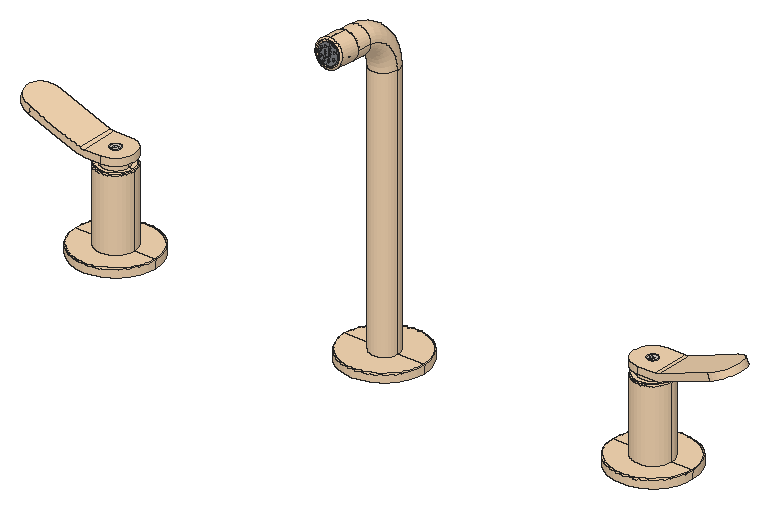
Revit family "Faucet-Wall_Mount-Bath_Spout-KALLISTA-Aileron-P33354", category Plumbing Fixtures, host Face, Revit 2021 (continued)
Definition of nested family "P33354_Handle"
  Automatic sketch dimensions
    curve 156 to plane 25 = 0"
    curve 155 to plane 25 = 0"
    curve 154 to plane 25 = 0"
    curve 153 to plane 25 = 0"
    curve 152 to plane 25 = 0"
    curve 151 to plane 25 = 0"
    curve 102 to plane 25 = 0"
    curve 150 to plane 25 = 0"
    curve 149 to plane 25 = 0"
    curve 148 to plane 25 = 0"
    curve 147 to plane 25 = 0"
    curve 131 to plane 25 = 0"
    curve 130 to plane 25 = 0"
    curve 160 to plane 25 = 0"
    curve 127 to plane 25 = 0"
    curve 126 to plane 25 = 0"
    curve 125 to plane 25 = 0"
    curve 124 to plane 25 = 0"
    curve 123 to plane 25 = 0"
    curve 122 to plane 25 = 0"
    curve 121 to plane 25 = 0"
    curve 120 to plane 25 = 0"
    curve 119 to plane 25 = 0"
    curve 118 to plane 25 = 0"
    plane 26 to curve 100 = 0"
    curve 144 to plane 24 = 0"
    curve 110 to plane 24 = 0"
    curve 143 to plane 24 = 0"
    curve 136 to plane 24 = 0"
    curve 106 to plane 24 = 0"
    curve 146 to plane 24 = 0"
    curve 145 to plane 24 = 0"
    curve 137 to plane 24 = 0"
    curve 142 to plane 24 = 0"
    curve 141 to plane 24 = 0"
    curve 112 to plane 24 = 0"
    curve 135 to plane 24 = 0"
    curve 104 to plane 24 = 0"
    curve 109 to plane 24 = 0"
    curve 103 to plane 24 = 0"
    curve 134 to plane 24 = 0"
    curve 102 to plane 24 = 0"
    curve 108 to plane 24 = 0"
    curve 138 to plane 24 = 0"
    curve 139 to plane 24 = 0"
    curve 140 to plane 24 = 0"
    curve 117 to plane 24 = 0"
    curve 133 to plane 24 = 0"
    curve 116 to plane 24 = 0"
    curve 105 to plane 24 = 0"
    curve 107 to plane 24 = 0"
    curve 115 to plane 24 = 0"
    curve 113 to plane 24 = 0"
    curve 114 to plane 24 = 0"
    curve 111 to plane 24 = 0"
    curve 96 to plane 24 = 0"
    curve 97 to plane 13 = 0"
    curve 102 to plane 22 = 0.73156"
    curve 132 to plane 22 = 0.00624"
    plane 25 to curve 99 = 0.00008"
    plane 25 to curve 129 = 0.01398"
    plane 25 to curve 133 = 0.07163"
    plane 25 to curve 104 = 0.07163"
    curve 104 to curve 160 = 0.02797"
    curve 133 to curve 131 = 0.02797"
    curve 131 to curve 134 = 0.04366"
    curve 160 to curve 105 = 0.04366"
    plane 25 to curve 101 = 0.15277"
    curve 101 to curve 100 = 0.01072"
    curve 134 to curve 130 = 0.02797"
    curve 105 to curve 159 = 0.02797"
    curve 130 to curve 135 = 0.04366"
    curve 159 to curve 106 = 0.04366"
    curve 106 to curve 158 = 0.02797"
    curve 135 to curve 129 = 0.02797"
    curve 158 to curve 107 = 0.04366"
    curve 129 to curve 136 = 0.04366"
    curve 107 to curve 157 = 0.02797"
    curve 136 to curve 128 = 0.02797"
    curve 157 to curve 108 = 0.04366"
    curve 128 to curve 137 = 0.04366"
    curve 137 to curve 127 = 0.02797"
    curve 108 to curve 156 = 0.02797"
    curve 127 to curve 138 = 0.04366"
    curve 156 to curve 109 = 0.04366"
    curve 138 to curve 126 = 0.02797"
    curve 109 to curve 155 = 0.02797"
    curve 155 to curve 110 = 0.04366"
    curve 126 to curve 139 = 0.04366"
    curve 125 to plane 3 "Center (Left/Right)" = 0.02183"
    curve 154 to plane 3 "Center (Left/Right)" = 0.02183"
    plane 3 "Center (Left/Right)" to curve 140 = 0.02183"
    plane 3 "Center (Left/Right)" to curve 111 = 0.02183"
    curve 140 to curve 124 = 0.02797"
    curve 111 to curve 153 = 0.02797"
    curve 153 to curve 112 = 0.04366"
    curve 124 to curve 141 = 0.04366"
    curve 112 to curve 152 = 0.02797"
    curve 141 to curve 123 = 0.02797"
    curve 152 to curve 113 = 0.04366"
    curve 123 to curve 142 = 0.04366"
    curve 113 to curve 151 = 0.02797"
    curve 142 to curve 122 = 0.02797"
    curve 122 to curve 143 = 0.04366"
    curve 151 to curve 114 = 0.04366"
    curve 114 to curve 150 = 0.02797"
    curve 143 to curve 121 = 0.02797"
    curve 150 to curve 115 = 0.04366"
    curve 121 to curve 144 = 0.04366"
    curve 115 to curve 149 = 0.02797"
    curve 144 to curve 120 = 0.02797"
    curve 149 to curve 116 = 0.04366"
    curve 120 to curve 145 = 0.04366"
    curve 101 to plane 24 = 0.1622"
    curve 101 to curve 100 = 0.00424"
    curve 116 to curve 148 = 0.02797"
    curve 145 to curve 119 = 0.02797"
    curve 148 to curve 117 = 0.04366"
    curve 119 to curve 146 = 0.04366"
    curve 146 to curve 118 = 0.02797"
    curve 117 to curve 147 = 0.02797"
    plane 24 to curve 99 = 0.00002"
    level to curve 96 = 0.24252"
    level to curve 97 = 0.22284"
    curve 102 to curve 133 = 0.04713"
    curve 102 to curve 118 = 0.04713"
    curve 118 to curve 160 = 0.0184"
    curve 133 to curve 117 = 0.0184"
    curve 117 to curve 134 = 0.02873"
    curve 160 to curve 119 = 0.02873"
    curve 119 to curve 159 = 0.0184"
    curve 134 to curve 116 = 0.0184"
    curve 159 to curve 120 = 0.02873"
    curve 116 to curve 135 = 0.02873"
    curve 120 to curve 158 = 0.0184"
    curve 135 to curve 115 = 0.0184"
    curve 158 to curve 121 = 0.02873"
    curve 115 to curve 136 = 0.02873"
    curve 121 to curve 157 = 0.0184"
    curve 136 to curve 114 = 0.0184"
    curve 157 to curve 122 = 0.02873"
    curve 114 to curve 137 = 0.02873"
    curve 137 to curve 113 = 0.0184"
    curve 122 to curve 156 = 0.0184"
    curve 156 to curve 123 = 0.02873"
    curve 113 to curve 138 = 0.02873"
    curve 123 to curve 155 = 0.0184"
    curve 138 to curve 112 = 0.0184"
    curve 112 to curve 139 = 0.02873"
    curve 155 to curve 124 = 0.02873"
    curve 124 to curve 154 = 0.0184"
    curve 139 to curve 111 = 0.0184"
    curve 111 to curve 140 = 0.02873"
    curve 154 to curve 125 = 0.02873"
    curve 125 to curve 153 = 0.0184"
    curve 140 to curve 110 = 0.0184"
    curve 153 to curve 126 = 0.02873"
    curve 110 to curve 141 = 0.02873"
    curve 126 to curve 152 = 0.0184"
    curve 141 to curve 109 = 0.0184"
    curve 109 to curve 142 = 0.02873"
    curve 152 to curve 127 = 0.02873"
    curve 142 to curve 108 = 0.0184"
    curve 127 to curve 151 = 0.0184"
    curve 108 to curve 143 = 0.02873"
    curve 151 to curve 128 = 0.02873"
    curve 128 to curve 150 = 0.0184"
    curve 143 to curve 107 = 0.0184"
    curve 107 to curve 144 = 0.02873"
    curve 150 to curve 129 = 0.03793"
    curve 129 to curve 149 = 0.0092"
    curve 144 to curve 106 = 0.0184"
    curve 106 to curve 145 = 0.02873"
    curve 149 to curve 130 = 0.02873"
    curve 130 to curve 148 = 0.0184"
    curve 145 to curve 105 = 0.0184"
    curve 105 to curve 146 = 0.02873"
    curve 148 to curve 131 = 0.02873"
    curve 131 to curve 147 = 0.0184"
    curve 146 to curve 104 = 0.0184"
    plane 22 to curve 99 = 0.02307"
    curve 100 to curve 101 = 0.07699"
    curve 5 to plane 7 = 0"
    curve 68 to plane 20 = 0"
    curve 67 to plane 20 = 0"
    curve 66 to plane 20 = 0"
    curve 65 to plane 20 = 0"
    curve 64 to plane 20 = 0"
    curve 63 to plane 20 = 0"
    curve 3 to plane 20 = 0"
    curve 62 to plane 20 = 0"
    curve 61 to plane 20 = 0"
    curve 70 to plane 20 = 0"
    curve 34 to plane 20 = 0"
    curve 71 to plane 20 = 0"
    curve 32 to plane 20 = 0"
    curve 31 to plane 20 = 0"
    curve 30 to plane 20 = 0"
    curve 29 to plane 20 = 0"
    curve 4 to plane 20 = 0"
    curve 28 to plane 20 = 0"
    curve 35 to plane 20 = 0"
    curve 27 to plane 20 = 0"
    curve 26 to plane 20 = 0"
    curve 25 to plane 20 = 0"
    curve 7 to plane 20 = 0"
    curve 24 to plane 20 = 0"
    curve 23 to plane 20 = 0"
    curve 22 to plane 20 = 0"
    curve 21 to plane 20 = 0"
    curve 20 to plane 20 = 0"
    curve 10 to plane 20 = 0"
    curve 17 to plane 20 = 0"
    plane 20 to curve 33 = 0"
    curve 15 to plane 20 = 0"
    curve 13 to plane 20 = 0"
    curve 3 to plane 17 = 0"
    curve 1 to plane 17 = 0"
    curve 6 to plane 17 = 0"
    curve 1 to plane 1 "Center (Front/Back)" = 0"
    curve 1 to plane 18 = 0"
    curve 6 to plane 18 = 0"
    curve 2 to plane 18 = 0"
    curve 54 to plane 19 = 0"
    curve 52 to plane 19 = 0"
    curve 55 to plane 19 = 0"
    curve 51 to plane 19 = 0"
    curve 56 to plane 19 = 0"
    curve 50 to plane 19 = 0"
    curve 57 to plane 19 = 0"
    curve 49 to plane 19 = 0"
    curve 58 to plane 19 = 0"
    curve 48 to plane 19 = 0"
    curve 59 to plane 19 = 0"
    curve 47 to plane 19 = 0"
    curve 60 to plane 19 = 0"
    curve 53 to plane 19 = 0"
    curve 46 to plane 19 = 0"
    curve 45 to plane 19 = 0"
    curve 44 to plane 19 = 0"
    curve 42 to plane 19 = 0"
    curve 41 to plane 19 = 0"
    curve 40 to plane 19 = 0"
    curve 39 to plane 19 = 0"
    curve 38 to plane 19 = 0"
    curve 37 to plane 19 = 0"
    curve 36 to plane 19 = 0"
    curve 2 to plane 19 = 0"
    curve 4 to plane 19 = 0"
    curve 12 to plane 19 = 0"
    curve 7 to plane 19 = 0"
    curve 10 to plane 19 = 0"
    curve 19 to plane 19 = 0"
    curve 18 to plane 19 = 0"
    curve 43 to plane 19 = 0"
    curve 5 to plane 6 = 0"
    curve 6 to plane 22 = 0"
    plane 23 to curve 3 = 0.08683"
    plane 1 "Center (Front/Back)" to curve 3 = 0.14678"
    plane 23 to curve 2 = 0.08683"
    curve 7 to plane 22 = 0.02965"
    curve 12 to curve 7 = 0.73753"
    curve 69 to plane 20 = 0.00306"
    curve 7 to curve 35 = 0.04377"
    curve 14 to plane 20 = 0.05996"
    curve 35 to curve 18 = 0.01975"
    curve 36 to plane 20 = 0.0708"
    curve 36 to curve 71 = 0.00269"
    curve 14 to curve 13 = 0.0354"
    plane 17 to curve 8 = 0.05848"
    plane 17 to curve 34 = 0.04291"
    curve 34 to curve 19 = 0.01945"
    plane 17 to curve 37 = 0.01588"
    curve 37 to curve 70 = 0.00269"
    plane 17 to curve 9 = 0.01004"
    curve 33 to plane 17 = 0.02789"
    curve 33 to curve 48 = 0.01945"
    curve 38 to plane 17 = 0.05492"
    curve 38 to curve 69 = 0.00269"
    curve 48 to curve 32 = 0.05135"
    curve 32 to curve 49 = 0.01945"
    curve 69 to curve 39 = 0.06811"
    curve 39 to curve 68 = 0.00269"
    curve 49 to curve 31 = 0.05135"
    curve 31 to curve 50 = 0.01945"
    curve 68 to curve 40 = 0.06811"
    curve 40 to curve 67 = 0.00269"
    curve 50 to curve 30 = 0.05135"
    curve 30 to curve 51 = 0.01945"
    curve 67 to curve 41 = 0.06811"
    curve 41 to curve 66 = 0.00269"
    curve 51 to curve 29 = 0.05135"
    curve 29 to curve 52 = 0.01945"
    plane 1 "Center (Front/Back)" to curve 42 = 0.05557"
    curve 42 to curve 65 = 0.00269"
    plane 1 "Center (Front/Back)" to curve 28 = 0.0118"
    curve 53 to plane 1 "Center (Front/Back)" = 0.00765"
    curve 43 to plane 1 "Center (Front/Back)" = 0.01523"
    curve 43 to curve 64 = 0.00269"
    curve 53 to curve 27 = 0.05135"
    curve 27 to curve 54 = 0.01945"
    curve 64 to curve 44 = 0.06811"
    curve 44 to curve 63 = 0.00269"
    curve 54 to curve 26 = 0.05135"
    curve 26 to curve 55 = 0.01945"
    curve 63 to curve 45 = 0.06811"
    curve 45 to curve 62 = 0.00269"
    curve 55 to curve 25 = 0.05135"
    curve 25 to curve 56 = 0.01945"
    curve 62 to curve 46 = 0.06811"
    curve 46 to curve 61 = 0.00269"
    curve 56 to curve 24 = 0.05135"
    curve 24 to curve 57 = 0.01945"
    curve 61 to curve 47 = 0.06811"
    curve 47 to curve 17 = 0.00269"
    curve 57 to curve 22 = 0.02567"
    curve 57 to curve 23 = 0.05135"
    curve 23 to curve 58 = 0.01945"
    plane 18 to curve 16 = 0.03203"
    curve 9 to plane 18 = 0.00588"
    curve 15 to plane 18 = 0.03149"
    curve 59 to plane 18 = 0.03876"
    curve 8 to plane 18 = 0.05848"
    curve 59 to curve 21 = 0.05135"
    curve 15 to curve 14 = 0.06055"
    curve 21 to curve 60 = 0.01945"
    curve 35 to curve 7 = 0.02928"
    curve 60 to curve 7 = 0.03206"
    curve 13 to curve 35 = 0.0145"
    curve 36 to curve 60 = 0.01531"
    curve 22 to curve 57 = 0.06455"
    curve 34 to curve 13 = 0.03287"
    curve 59 to curve 36 = 0.03206"
    curve 14 to curve 34 = 0.00725"
    curve 15 to curve 34 = 0.00764"
    curve 37 to curve 59 = 0.01531"
    curve 13 to curve 14 = 0.02368"
    curve 58 to curve 37 = 0.03206"
    curve 38 to curve 58 = 0.01531"
    curve 32 to curve 17 = 0.00409"
    curve 57 to curve 38 = 0.03206"
    curve 39 to curve 57 = 0.01531"
    curve 61 to curve 32 = 0.04328"
    curve 31 to curve 61 = 0.00409"
    curve 40 to curve 56 = 0.01531"
    curve 62 to curve 31 = 0.04328"
    curve 30 to curve 62 = 0.00409"
    curve 55 to curve 40 = 0.03206"
    curve 41 to curve 55 = 0.01531"
    curve 63 to curve 30 = 0.04328"
    curve 29 to curve 63 = 0.00409"
    curve 54 to curve 41 = 0.03206"
    curve 42 to curve 54 = 0.01531"
    curve 64 to curve 29 = 0.04328"
    curve 28 to curve 64 = 0.00409"
    curve 53 to curve 42 = 0.03206"
    curve 43 to curve 53 = 0.01531"
    curve 65 to curve 28 = 0.04328"
    curve 27 to curve 65 = 0.00409"
    curve 52 to curve 43 = 0.03206"
    curve 44 to curve 52 = 0.01531"
    curve 66 to curve 27 = 0.04328"
    curve 26 to curve 66 = 0.00409"
    curve 51 to curve 44 = 0.03206"
    curve 45 to curve 51 = 0.01531"
    curve 67 to curve 26 = 0.04328"
    curve 25 to curve 67 = 0.00409"
    curve 50 to curve 45 = 0.03206"
    curve 46 to curve 50 = 0.01531"
    curve 68 to curve 25 = 0.04328"
    curve 24 to curve 68 = 0.00409"
    curve 49 to curve 46 = 0.03206"
    curve 47 to curve 49 = 0.01531"
    curve 69 to curve 24 = 0.04532"
    curve 23 to curve 69 = 0.00204"
    curve 48 to curve 47 = 0.03206"
    curve 70 to curve 23 = 0.04328"
    curve 22 to curve 70 = 0.00409"
    curve 19 to curve 48 = 0.04737"
    curve 71 to curve 22 = 0.04328"
    curve 21 to curve 71 = 0.00409"
    curve 11 to curve 18 = 0.0425"
    level to curve 4 = 0.24206"
    level to curve 5 = 0.22237"
    plane 22 to curve 9 = 0.15084"
    curve 9 to curve 8 = 0.06408"
    curve 8 to curve 10 = 0.02181"
    plane 20 to curve 16 = 0"
    curve 16 to curve 33 = 0.00277"
    plane 22 to curve 1 = 0.06521"
    radius of Extrusion 7 sketch curve = 0.15706"
    radius of Extrusion 8 sketch curve = 0.1378"
    radius of curve 72 = 0.3937"
    radius of curve 73 = 0.34143"
    radius of curve 74 = 0.15706"
    radius of curve 75 = 0.18126"
    radius of curve 76 = 0.06917"
    radius of curve 77 = 0.08332"
Types (7): name | Type | Model | Finish
  (no name) | 1 | "P33354-LV-2MB" | Kallista-Metal-2MB- Brushed_Brass
  2MB-Brushed Brass | 1 | "P33354-LV-2MB" | Kallista-Metal-2MB- Brushed_Brass
  BGP-Brushed Graphite | 2 | "P33354-LV-BGP" | Kallista-Metal-BGP-Brushed_Graphite
  BL-Matte Black | 3 | "P33354-LV-BL" | Kallista-Metal-BL-Matte_Black
  BLH-Blush Brass | 4 | "P33354-LV-BLH" | Kallista-Metal-BLH-Blush_Brass
  BN-Brushed Nickel | 5 | "P33354-LV-BN" | Kallista-Metal-BN-Brushed_Nickel
  CP-Chrome | 6 | "P33341-LV-CP" | Kallista-Metal-CP-Chrome
